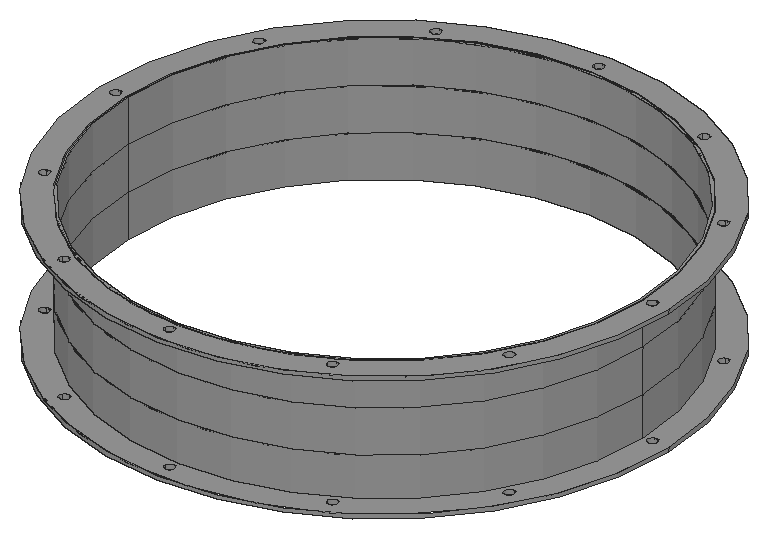
Revit family "ВВГ_ВВГФ", category Арматура воздуховодов, Revit 2021
Family settings
  Размер круглого соединителя = Использовать диаметр
  Тип детали = Присоединяется
  На основе рабочей плоскости = Нет
  Всегда вертикально = Да
  При загрузке вырезать с полостями = Нет
  Общий = Нет
Parameters (values of type "ВВГФ-630")
  Фланец = Вага > 1.00 kg  # yes
  Температура повітря, що переміщається = "-40...+80 °С"  # constant formula
  Статичний тиск повітря = 0.0 Pa
  Повітряний потік = 0.0 L/s
  Отметка по умолчанию = 0 mm
  Максимальний потік повітря = 0.0 L/s
  Класифікація навантаження = "HVAC"
  Изготовитель = "Вентс"  # constant formula
  Діаметр = D2  # 715 mm
  Довжина = L  # 160 mm
  Вага = 5.13 kg
  t = L - 5 mm  # 155 mm
  n = 12  # constant formula
  l2 = if(Фланец, L / 3, L / 6)  # 53.333 mm
  l1 = if(Фланец, L / 3, L - 2 * l2)  # 53.333 mm
  l = L / 2  # 80 mm
  d = 12 mm
  URL = "https://vents.ua/uploads/download/vvgf_opys_produktu_02_2020.pdf"
  R1 = D1 / 2  # 337 mm
  Матеріал зони обслуговування = none
  L = if(Фланец, 160 mm, 130 mm)  # 160 mm
  Dn = D + 5 mm  # 650 mm
  D2 = 715 mm
  D1 = 674 mm
  D = 645 mm
  Матеріал корпусу = Сталь, гальванізована
  09_Назва системи [instance] = ""
  00_20_Тип = "ВВГФ-630"
  00_20_Назва = "Гнучка віброгасильна вставка"  # constant formula
  00_20_Виробник = "Вентс"  # constant formula
Types (26, lengths in mm): name | Фланец | Діаметр | Довжина | Вага | t | l2 | l1 | l | d | R1 | L | Dn | D2 | D1 | D | 00_20_Тип
  (no name) | yes | 715 | 160 | 5.13 kg | 155 | 53.333 | 53.333 | 80 | 12 | 337 | 160 | 650 | 715 | 674 | 645 | "ВВГФ-630"
  ВВГФ-400 | yes | 465 | 160 | 2.57 kg | 155 | 53.333 | 53.333 | 80 | 8 | 219 | 160 | 417 | 465 | 438 | 412 | "ВВГФ-400"
  ВВГФ-450 | yes | 515 | 160 | 2.88 kg | 155 | 53.333 | 53.333 | 80 | 8 | 243.5 | 160 | 467 | 515 | 487 | 462 | "ВВГФ-450"
  ВВГФ-500 | yes | 570 | 160 | 3.81 kg | 155 | 53.333 | 53.333 | 80 | 12 | 270.5 | 160 | 520 | 570 | 541 | 515 | "ВВГФ-500"
  ВВГФ-550 | yes | 636 | 160 | 4.53 kg | 155 | 53.333 | 53.333 | 80 | 12 | 302.5 | 160 | 570 | 636 | 605 | 565 | "ВВГФ-550"
  ВВГФ-630 | yes | 715 | 160 | 5.13 kg | 155 | 53.333 | 53.333 | 80 | 12 | 337 | 160 | 650 | 715 | 674 | 645 | "ВВГФ-630"
  ВВГФ 350 | yes | 421 | 160 | 2.06 kg | 155 | 53.333 | 53.333 | 80 | 8 | 197.5 | 160 | 367 | 421 | 395 | 362 | "ВВГФ 350"
  ВВГФ 200 | yes | 255 | 160 | 1.29 kg | 155 | 53.333 | 53.333 | 80 | 8 | 117.5 | 160 | 210 | 255 | 235 | 205 | "ВВГФ 200"
  ВВГФ 250 | yes | 306 | 160 | 1.21 kg | 155 | 53.333 | 53.333 | 80 | 8 | 143 | 160 | 265 | 306 | 286 | 260 | "ВВГФ 250"
  ВВГФ 300 | yes | 382 | 160 | 1.90 kg | 155 | 53.333 | 53.333 | 80 | 8 | 178 | 160 | 315 | 382 | 356 | 310 | "ВВГФ 300"
  ВВГ 100 | no | 255 | 130 | 0.14 kg | 125 | 21.667 | 86.667 | 65 | 8 | 117.5 | 130 | 106 | 255 | 235 | 101 | "ВВГ 100"
  ВВГ 125 | no | 255 | 130 | 0.17 kg | 125 | 21.667 | 86.667 | 65 | 8 | 117.5 | 130 | 131 | 255 | 235 | 126 | "ВВГ 125"
  ВВГ 140 | no | 255 | 130 | 0.21 kg | 125 | 21.667 | 86.667 | 65 | 8 | 117.5 | 130 | 144.5 | 255 | 235 | 139.5 | "ВВГ 140"
  ВВГ 150 | no | 255 | 130 | 0.21 kg | 125 | 21.667 | 86.667 | 65 | 8 | 117.5 | 130 | 156 | 255 | 235 | 151 | "ВВГ 150"
  ВВГ 160 | no | 255 | 130 | 0.22 kg | 125 | 21.667 | 86.667 | 65 | 8 | 117.5 | 130 | 166 | 255 | 235 | 161 | "ВВГ 160"
  ВВГ 180 | no | 255 | 130 | 0.26 kg | 125 | 21.667 | 86.667 | 65 | 8 | 117.5 | 130 | 184.5 | 255 | 235 | 179.5 | "ВВГ 180"
  ВВГ 200 | no | 255 | 130 | 0.28 kg | 125 | 21.667 | 86.667 | 65 | 8 | 117.5 | 130 | 206 | 255 | 235 | 201 | "ВВГ 200"
  ВВГ 225 | no | 255 | 130 | 0.31 kg | 125 | 21.667 | 86.667 | 65 | 8 | 117.5 | 130 | 227.5 | 255 | 235 | 222.5 | "ВВГ 225"
  ВВГ 240 | no | 306 | 130 | 0.34 kg | 125 | 21.667 | 86.667 | 65 | 8 | 143 | 130 | 243.5 | 306 | 286 | 238.5 | "ВВГ 240"
  ВВГ 250 | no | 306 | 130 | 0.35 kg | 125 | 21.667 | 86.667 | 65 | 8 | 143 | 130 | 256 | 306 | 286 | 251 | "ВВГ 250"
  ВВГ 280 | no | 306 | 130 | 0.38 kg | 125 | 21.667 | 86.667 | 65 | 8 | 143 | 130 | 284.5 | 306 | 286 | 279.5 | "ВВГ 280"
  ВВГ 315 | no | 382 | 130 | 0.44 kg | 125 | 21.667 | 86.667 | 65 | 8 | 178 | 130 | 321 | 382 | 356 | 316 | "ВВГ 315"
  ВВГ 355 | no | 382 | 130 | 0.50 kg | 125 | 21.667 | 86.667 | 65 | 8 | 178 | 130 | 361 | 382 | 356 | 356 | "ВВГ 355"
  ВВГ 400 | no | 465 | 130 | 0.56 kg | 125 | 21.667 | 86.667 | 65 | 8 | 219 | 130 | 406 | 465 | 438 | 401 | "ВВГ 400"
  ВВГ 450 | no | 515 | 130 | 0.64 kg | 125 | 21.667 | 86.667 | 65 | 8 | 243.5 | 130 | 456 | 515 | 487 | 451 | "ВВГ 450"
  ВВГ 500 | no | 570 | 130 | 0.71 kg | 125 | 21.667 | 86.667 | 65 | 12 | 270.5 | 130 | 506 | 570 | 541 | 501 | "ВВГ 500"
Reference planes
  plane 1 "По центру (Вперед/Назад)": y = 0
  plane 2: z = 0
  plane 3 "По центру (Влево/Вправо)": x = 0
  plane 4: z = 160
Forms (mm)
  Extrusion 1, solid, material "Сталь, гальванізована" <- "Матеріал корпусу", visible <- "Фланец"
    sketch origin (0, 0, 0) x (1, 0, 0) y (0, 1, 0)
      loop
        circle (0, 0) r 325
      loop
        circle (0, 0) r 357.5
    from 0 to 5
  Extrusion 2, void
    sketch origin (0, 115.787, 0) x (1, 0, 0) y (0, 1, 0)
      loop
        circle (0, 221.213) r 6
    from 0 to 5
  Extrusion 3, void
    sketch origin (57.894, 100.275, 0) x (0.866025, -0.5, 0) y (0.5, 0.866025, 0)
      loop
        circle (0, 221.213) r 6
    from 0 to 5
  Extrusion 4, void
    sketch origin (-57.894, 100.275, 0) x (0.866025, 0.5, 0) y (-0.5, 0.866025, 0)
      loop
        circle (0, 221.213) r 6
    from 0 to 5
  Extrusion 5, void
    sketch origin (-100.275, 57.894, 0) x (0.5, 0.866025, 0) y (-0.866025, 0.5, 0)
      loop
        circle (0, 221.213) r 6
    from 0 to 5
  Extrusion 6, void
    sketch origin (-115.787, 0, 0) x (0, 1, 0) y (-1, 0, 0)
      loop
        circle (0, 221.213) r 6
    from 0 to 5
  Extrusion 7, void
    sketch origin (-100.275, -57.894, 0) x (-0.5, 0.866025, 0) y (-0.866025, -0.5, 0)
      loop
        circle (0, 221.213) r 6
    from 0 to 5
  Extrusion 8, void
    sketch origin (-57.894, -100.275, 0) x (-0.866025, 0.5, 0) y (-0.5, -0.866025, 0)
      loop
        circle (0, 221.213) r 6
    from 0 to 5
  Extrusion 9, void
    sketch origin (0, -115.787, 0) x (-1, 0, 0) y (0, -1, 0)
      loop
        circle (0, 221.213) r 6
    from 0 to 5
  Extrusion 10, void
    sketch origin (57.894, -100.275, 0) x (-0.866025, -0.5, 0) y (0.5, -0.866025, 0)
      loop
        circle (0, 221.213) r 6
    from 0 to 5
  Extrusion 11, void
    sketch origin (100.275, -57.894, 0) x (-0.5, -0.866025, 0) y (0.866025, -0.5, 0)
      loop
        circle (0, 221.213) r 6
    from 0 to 5
  Extrusion 12, void
    sketch origin (115.787, 0, 0) x (0, -1, 0) y (1, 0, 0)
      loop
        circle (0, 221.213) r 6
    from 0 to 5
  Extrusion 13, void
    sketch origin (100.275, 57.894, 0) x (0.5, -0.866025, 0) y (0.866025, 0.5, 0)
      loop
        circle (0, 221.213) r 6
    from 0 to 5
  Extrusion 14, solid, material "Сталь, гальванізована" <- "Матеріал корпусу", visible <- "Фланец"
    sketch origin (0, 0, 0) x (1, 0, 0) y (0, 1, 0)
      loop
        circle (0, 0) r 325
      loop
        circle (0, 0) r 357.5
    from 155 to 160
  Extrusion 15, void
    sketch origin (0, 115.053, 0) x (1, 0, 0) y (0, 1, 0)
      loop
        circle (0, 221.947) r 6
    from 155 <- "t" to 160 <- "L"
  Extrusion 16, void
    sketch origin (57.527, 99.639, 0) x (0.866025, -0.5, 0) y (0.5, 0.866025, 0)
      loop
        circle (0, 221.947) r 6
    from 155 <- "t" to 160 <- "L"
  Extrusion 17, void
    sketch origin (-57.527, 99.639, 0) x (0.866025, 0.5, 0) y (-0.5, 0.866025, 0)
      loop
        circle (0, 221.947) r 6
    from 155 <- "t" to 160 <- "L"
  Extrusion 18, void
    sketch origin (-99.639, 57.527, 0) x (0.5, 0.866025, 0) y (-0.866025, 0.5, 0)
      loop
        circle (0, 221.947) r 6
    from 155 <- "t" to 160 <- "L"
  Extrusion 19, void
    sketch origin (-115.053, 0, 0) x (0, 1, 0) y (-1, 0, 0)
      loop
        circle (0, 221.947) r 6
    from 155 <- "t" to 160 <- "L"
  Extrusion 20, void
    sketch origin (-99.639, -57.527, 0) x (-0.5, 0.866025, 0) y (-0.866025, -0.5, 0)
      loop
        circle (0, 221.947) r 6
    from 155 <- "t" to 160 <- "L"
  Extrusion 21, void
    sketch origin (-57.527, -99.639, 0) x (-0.866025, 0.5, 0) y (-0.5, -0.866025, 0)
      loop
        circle (0, 221.947) r 6
    from 155 <- "t" to 160 <- "L"
  Extrusion 22, void
    sketch origin (0, -115.053, 0) x (-1, 0, 0) y (0, -1, 0)
      loop
        circle (0, 221.947) r 6
    from 155 <- "t" to 160 <- "L"
  Extrusion 23, void
    sketch origin (57.527, -99.639, 0) x (-0.866025, -0.5, 0) y (0.5, -0.866025, 0)
      loop
        circle (0, 221.947) r 6
    from 155 <- "t" to 160 <- "L"
  Extrusion 24, void
    sketch origin (99.639, -57.527, 0) x (-0.5, -0.866025, 0) y (0.866025, -0.5, 0)
      loop
        circle (0, 221.947) r 6
    from 155 <- "t" to 160 <- "L"
  Extrusion 25, void
    sketch origin (115.053, 0, 0) x (0, -1, 0) y (1, 0, 0)
      loop
        circle (0, 221.947) r 6
    from 155 <- "t" to 160 <- "L"
  Extrusion 26, void
    sketch origin (99.639, 57.527, 0) x (0.5, -0.866025, 0) y (0.866025, 0.5, 0)
      loop
        circle (0, 221.947) r 6
    from 155 <- "t" to 160 <- "L"
  Extrusion 27, solid, material "Сталь, гальванізована" <- "Матеріал корпусу"
    sketch origin (0, 0, 0) x (1, 0, 0) y (0, 1, 0)
      loop
        circle (0, 0) r 322.5
      loop
        circle (0, 0) r 325
    from 0 to 53.333
  Extrusion 28, solid, material "Ткань"
    sketch origin (0, 0, 0) x (1, 0, 0) y (0, 1, 0)
      loop
        circle (0, 0) r 325
      loop
        circle (0, 0) r 322.5
    from 53.333 to 106.667
  Extrusion 29, solid, material "Сталь, гальванізована" <- "Матеріал корпусу"
    sketch origin (0, 0, 0) x (1, 0, 0) y (0, 1, 0)
      loop
        circle (0, 0) r 325
      loop
        circle (0, 0) r 322.5
    from 160 to 106.667
Cuts and joins
  Extrusion 2, Extrusion 3, Extrusion 4, Extrusion 5, Extrusion 6, Extrusion 7, Extrusion 8, Extrusion 9, Extrusion 10, Extrusion 11, Extrusion 12, Extrusion 13 cuts Extrusion 1
  Extrusion 15, Extrusion 16, Extrusion 17, Extrusion 18, Extrusion 19, Extrusion 20, Extrusion 21, Extrusion 22, Extrusion 23, Extrusion 24, Extrusion 25, Extrusion 26 cuts Extrusion 14
Dimensions and locks
  "L": level to plane 4
  locked: Extrusion 1 to Extrusion 1 at 5
  locked: Extrusion 14 to Extrusion 14 at 5
  "l2": Extrusion 27 to level
  "l1": Extrusion 28 to Extrusion 28
  "l2": Extrusion 29 to plane 4
  locked: cut or joined group 1 (Extrusion 1, Extrusion 2, Extrusion 3, Extrusion 4, Extrusion 5, Extrusion 6, Extrusion 7, Extrusion 8, Extrusion 9, Extrusion 10, Extrusion 11, Extrusion 12, Extrusion 13) to level at 5
  "Dn": diameter of Extrusion 1 sketch curve
  "D2": diameter of Extrusion 1 sketch curve
  "d": diameter of Extrusion 2 sketch curve
  "d": diameter of Extrusion 3 sketch curve
  "d": diameter of Extrusion 4 sketch curve
  "d": diameter of Extrusion 5 sketch curve
  "d": diameter of Extrusion 6 sketch curve
  "d": diameter of Extrusion 7 sketch curve
  "d": diameter of Extrusion 8 sketch curve
  "d": diameter of Extrusion 9 sketch curve
  "d": diameter of Extrusion 10 sketch curve
  "d": diameter of Extrusion 11 sketch curve
  "d": diameter of Extrusion 12 sketch curve
  "d": diameter of Extrusion 13 sketch curve
  "R1": radius of radial array  (x2)
  "Dn": diameter of Extrusion 14 sketch curve
  "D2": diameter of Extrusion 14 sketch curve
  "d": diameter of Extrusion 15 sketch curve
  "d": diameter of Extrusion 16 sketch curve
  "d": diameter of Extrusion 17 sketch curve
  "d": diameter of Extrusion 18 sketch curve
  "d": diameter of Extrusion 19 sketch curve
  "d": diameter of Extrusion 20 sketch curve
  "d": diameter of Extrusion 21 sketch curve
  "d": diameter of Extrusion 22 sketch curve
  "d": diameter of Extrusion 23 sketch curve
  "d": diameter of Extrusion 24 sketch curve
  "d": diameter of Extrusion 25 sketch curve
  "d": diameter of Extrusion 26 sketch curve
  "D": diameter of Extrusion 27 sketch curve
  "Dn": diameter of Extrusion 27 sketch curve
  "Dn": diameter of Extrusion 28 sketch curve
  "D": diameter of Extrusion 28 sketch curve
  "D": diameter of Extrusion 29 sketch curve
  "Dn": diameter of Extrusion 29 sketch curve
  aligned and locked: level to plane 2
  aligned and locked: plane 4 to Extrusion 14
  aligned and locked: Extrusion 28 to Extrusion 27
  aligned and locked: plane 4 to Extrusion 29
  aligned and locked: Extrusion 27 to level
Automatic sketch dimensions
  Extrusion 1 sketch curve to Extrusion 1 sketch curve = 0 mm  (x2)
  plane 1 "По центру (Вперед/Назад)" to Extrusion 1 sketch curve = 0 mm
  Extrusion 1 sketch curve to plane 3 "По центру (Влево/Вправо)" = 0 mm
  Extrusion 14 sketch curve to Extrusion 14 sketch curve = 0 mm  (x2)
  plane 1 "По центру (Вперед/Назад)" to Extrusion 14 sketch curve = 0 mm
  Extrusion 14 sketch curve to plane 3 "По центру (Влево/Вправо)" = 0 mm
  Extrusion 27 sketch curve to Extrusion 27 sketch curve = 0 mm  (x2)
  plane 1 "По центру (Вперед/Назад)" to Extrusion 27 sketch curve = 0 mm
  Extrusion 27 sketch curve to plane 3 "По центру (Влево/Вправо)" = 0 mm
  Extrusion 28 sketch curve to Extrusion 28 sketch curve = 0 mm  (x2)
  plane 1 "По центру (Вперед/Назад)" to Extrusion 28 sketch curve = 0 mm
  Extrusion 28 sketch curve to plane 3 "По центру (Влево/Вправо)" = 0 mm
  Extrusion 29 sketch curve to Extrusion 29 sketch curve = 0 mm  (x2)
  plane 1 "По центру (Вперед/Назад)" to Extrusion 29 sketch curve = 0 mm
  Extrusion 29 sketch curve to plane 3 "По центру (Влево/Вправо)" = 0 mm
Connectors
  hvac at (0, 0, 160), driven by "D"
    settings: on cut or joined group of Extrusion 14, Extrusion 15, Extrusion 16, Extrusion 17, Extrusion 18, Extrusion 19, Extrusion 20, Extrusion 21, Extrusion 22, Extrusion 23, Extrusion 24, Extrusion 25, Extrusion 26, index 1, duct flow 0.0 L/s, flow factor 0, pres drop 0.0 Pa, loss coef 0, conn angle 0.00°, conn width 304.8 mm, conn height 304.8 mm, conn diameter 645 mm, duct sys type 3, conn prof type 0, flow config 0, flow direction 0, loss method 0, conn ref index -1, conn util no, is conn primary yes, conn desc ""
  hvac at (0, 0, 0), driven by "D"
    settings: on cut or joined group 1, index 2, duct flow 0.0 L/s, flow factor 0, pres drop 0.0 Pa, loss coef 0, conn angle 0.00°, conn width 304.8 mm, conn height 304.8 mm, conn diameter 645 mm, duct sys type 3, conn prof type 0, flow config 0, flow direction 0, loss method 0, conn ref index -1, conn util no, is conn primary no, conn desc ""
